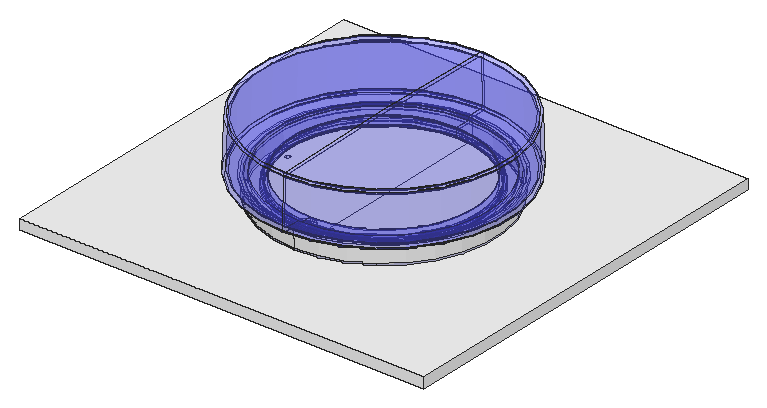
Revit family "BE_50078_de_DE", category Leuchten, Revit 2020
Family settings
  Basisbauteil = Fläche
  Bemaßung runder Anschluss = Durchmesser verwenden
  Teiletyp = Normal
  Beim Laden mit Abzugskörper schneiden = Ja
  Lichtquelle = Ja
  Gemeinsam genutzt = Nein
  Raumberechnungspunkt = Ja
Parameters (values of type "BEGA_50078_K4")
  built-in parameter 1150104 = 11.613 (stored number, unit not read)
  Wattage = 16.8 W
  Default Elevation = 0 mm
  built-in parameter 1150113 = 1 (stored number, unit not read)
  built-in parameter 1114218 = 1 (stored number, unit not read)
  Umgebungstemperatur = "25 °C"
  URL = "https://www.bega.com/de/produkt/50078"
  Typenkommentare = "© 2022 BEGA. Wir behalten uns das Recht vor, technische Änderungen ohne vorherige Ankündigung vorzunehmen."  # constant formula
  built-in parameter 1150134 = 12
  built-in parameter 1150109 = 1 (stored number, unit not read)
  Strom = ""
  built-in parameter 1150110 = 1 (stored number, unit not read)
  Spannung = 239.996 V
  Sonderanfertigung = no
  Seriennummer [instance] = "Hier können Sie die eindeutige Seriennummer für das Facility Management eintragen."
  Schutzklasse = "I"
  Schutzart = "IP 44"
  Scheinlast = 0 VA
  Produktdatenblatt = "https://cdn.bega.com/bega/products/50078K4/current/documents/data-sheets/de"
  Oberflächentemperatur = ""
  Neigungswinkel = 0.00°
  Modell = "50078K4"
  Material_17 = BEGA_Reflektor
  Material_15 = BEGA_Leuchtmedium_matt
  Material_11 = BEGA_Glas_opal
  Material_09 = BEGA_Glas_klar
  Material_06 = BEGA_Oberfläche_Edelstahl_gebürstet
  Material_03 = BEGA_Oberfläche_Weiss_matt
  Material_02 = BEGA_Oberfläche_Silber_matt
  Material_01 [instance] = BEGA_Oberfläche_Grafit_matt
  M_W = no
  M_G = no
  M_A = no
  Logo = 0
  built-in parameter 1114217 = 1 (stored number, unit not read)
  built-in parameter 1150139 = (empty or 0)
  built-in parameter 1150105 = 548.57 (stored number, unit not read)
  built-in parameter 1150114 = 1 (stored number, unit not read)
  Lumens = 2100 lm
  built-in parameter 1150115 = 1 (stored number, unit not read)
  Leuchtenlichtstrom = "1555 lm"
  Leuchtenanzahl = ""
  Lebensdauerkriterien = "L70B50 @ 25 °C = 180000 h"
  Lastklassifizierung = Beleuchtung
  built-in parameter 1150112 = 1 (stored number, unit not read)
  Lampenlichtstrom = "2100 lm"
  Lampe = "LED 16.8 W"
  LED_Modulbezeichnung = "LED-0672/940"
  Hersteller = "BEGA"  # constant formula
  Halbstreuwinkel = ""
  Gewicht = "1.8 kg"
  Gebrauchslageneinschränkung [instance] = ""
  Frequenz = "0/50-60 Hz"
  Farbwiedergabeindex = "CRI > 90"
  Farbtemperaturverschiebung bei Dämpfen der Lampe = <Keine Auswahl>
  Farbtemperatur = "4000 K"
  Color Filter = 16777215
  built-in parameter 1150133 = 10 (stored number, unit not read)
  Energieeffizienzklasse = "LED A++ - A"
  built-in parameter 1150137 = (empty or 0)
  built-in parameter 1150132 = (empty or 0)
  ENEC = "ja"
  Dimmbar [instance] = "DALI"
  Datei für fotometrisches Netz = "BE_50078K4.IES"
  CE_Konformität = "ja"
  Bestellnummer = "50078K4"
  Beschreibung_Sonderanfertigung = "Hier können Sie Informationen zur Sonderanfertigung eintragen."
  Beschreibung = "Decken- und Wandleuchte"
  built-in parameter 1150106 = 5.4857 (stored number, unit not read)
  Befestigungsbohrung = "Ø 4,5 mm"
  Befestigungsabstand = "190 mm"
  Ballwurfsicher = ""
  BEGA_Intern_aus = yes
  BEGA_Intern_an = yes
  BEGA_Intern_Konstruktion = yes
  BEGA_Intern = yes
  BEGA_IES = yes
  BEGA_Dummy = no
  Anschlussleitung = ""
  Anschlussleistung [instance] = "19 W"
  Anschlusskasten = ""
  built-in parameter 1150107 = 4000 (stored number, unit not read)
  built-in parameter 1150102 = (empty or 0)
  built-in parameter 1150138 = (empty or 0)
  Aktualisierung = "2022-05-18T04:00:07"
  Abstand_zur_angestrahlten_Fläche [instance] = ""
  AC/DC = "AC/DC"
Types (2, lengths in mm): name | built-in parameter 1150104 | built-in parameter 1150134 | Modell | built-in parameter 1150105 | Lumens | Leuchtenlichtstrom | Lampenlichtstrom | LED_Modulbezeichnung | Farbtemperatur | Datei für fotometrisches Netz | Bestellnummer | built-in parameter 1150106 | built-in parameter 1150107
  BEGA_50078_K3 | 11.195 (stored number, unit not read) | (empty or 0) | "50078K3" | 528.77 (stored number, unit not read) | 2024.4 lm | "1500 lm" | "2025 lm" | "LED-0672/930" | "3000 K" | "BE_50078K3.IES" | "50078K3" | 5.2877 (stored number, unit not read) | 3000 (stored number, unit not read)
  BEGA_50078_K4 | 11.613 (stored number, unit not read) | 12 | "50078K4" | 548.57 (stored number, unit not read) | 2100 lm | "1555 lm" | "2100 lm" | "LED-0672/940" | "4000 K" | "BE_50078K4.IES" | "50078K4" | 5.4857 (stored number, unit not read) | 4000 (stored number, unit not read)
Reference planes
  plane 1 "Mitte (Vorne/Hinten)": y = 0
  plane 2: z = 0
  plane 3 "Mitte (Links/Rechts)": x = 0
  plane 4 "Links": x = -124.948
  plane 5 "Rechts": x = 124.948
  plane 6 "Unten": y = -124.949
  plane 7 "Oben": y = 124.949
  plane 8 "Vorne": z = 78.3
  plane 9 "Hinten": z = 0
Forms (mm)
  Extrusion 1, solid, material "BEGA_Platte_Weiss"
    sketch origin (0, -1119.2, 0) x (1, 0, 0) y (0, 1, 0)
      loop
        line (-200, 1319.2) -> (-200, 919.2) -> (200, 919.2) -> (200, 1319.2) -> (-200, 1319.2)
    from 0 to -10
  Extrusion 2, solid, material "BEGA_Dummy_matt", visible <- "BEGA_Dummy"
    sketch origin (77.149, -76.023, 0) x (1, 0, 0) y (0, 1, 0)
      loop
        circle (-77.149, 76.023) r 125
    from 0 to 78.3
Dimensions and locks
  plane 1 "Mitte (Vorne/Hinten)" to Extrusion 1 = 200 mm
  aligned and locked: plane 2 to Extrusion 1
  aligned and locked: level to Extrusion 1
Nested families
  nested 1: "BE_50078" at (0, 0, 0), type "BE_50078"
Connectors
  electrical at (0, 0, 0), driven by "Lastklassifizierung", driven by "Spannung", driven by "Scheinlast"
    settings: index 1, voltage 239.996 V, apparent load 0 VA, apparent load phase1 0 VA, apparent load phase2 0 VA, apparent load phase3 0 VA, power factor 1, load classification "Beleuchtung", number of poles 1, system type 31, power factor state 1, is connector primary yes, connector utility no, sub classification motor no, connector description ""
Definition of nested family "BE_50078"
  Parameters (values of type "BE_50078")
    Default Elevation = 1 mm
    URL = "http://www.bega.de/de/produkt"
    Type Comments = "© 2015 BEGA. Wir behalten uns das Recht vor, technische Änderungen ohne vorherige Ankündigung vorzunehmen. "  # constant formula
    Type Image = (empty or 0)
    Neigungswinkel_um_Z2 = 0.00°
    Neigungswinkel_um_Z1 = 0.00°
    Neigungswinkel_um_Y2 = 0.00°
    Neigungswinkel_um_Y1 = 0.00°
    Neigungswinkel_um_X2 = 0.00°
    Neigungswinkel_um_X1 = 0.00°
    Material_17 = none
    Material_15 = none
    Material_11 = none
    Material_09 = none
    Material_06 = none
    Material_05 = none
    Material_03 = none
    Material_02 = none
    Material_01 = none
    M_W = yes
    M_G = yes
    M_A = yes
    Länge_Platte = 350 mm  # constant formula
    Höhe_Platte = -10 mm  # constant formula
    Manufacturer = "BEGA"  # constant formula
    Drehwinkel_um_Z2 = 0.00°
    Drehwinkel_um_Z1 = 0.00°
    Breite_Platte = 350 mm  # constant formula
  Reference planes
    plane 1 "Mitte (Oben/Unten)": y = 0
    plane 2: z = 0
    plane 3 "Mitte (Links/Rechts)": x = 0
    plane 4: y = 124.949
    plane 5: z = 78.3
    plane 6: y = -124.949
    plane 7: x = -124.948
    plane 8: x = 124.948
  Forms (mm)
    Extrusion 1, solid, detail levels medium
      sketch origin (0, 0, 0) x (1, 0, 0) y (0, 1, 0)
        loop
          line (-175, 175) -> (-175, -175) -> (175, -175) -> (175, 175) -> (-175, 175)
      from 0 to -10 <- "Höhe_Platte"
    Revolve 2, solid, material <- "Material_03", detail levels medium+fine
      sketch origin (0, 0, 0) x (0, 1, 0) y (0, 0, 1)
        loop
          line (113, 22) -> (113, 23.5) -> (111.215, 23.5)
          arc (111.215, 23.5) -> (109.814, 22.927) -> (109.216, 21.535) r 2
          line (109.216, 21.535) -> (108.917, 4.482)
          arc (108.917, 4.482) -> (108.618, 3.787) -> (107.917, 3.5) r 1
          line (107.917, 3.5) -> (0, 3.5) -> (0, 2) -> (107.917, 2)
          arc (107.917, 2) -> (109.667, 2.714) -> (110.417, 4.448) r 2.5
          line (110.417, 4.448) -> (110.724, 22) -> (113, 22)
        axis (0, 2) -> (0, 23.5)
      angle from 0 to 360
    Revolve 3, solid, material <- "Material_03", detail levels medium+fine
      sketch origin (95, 0, 0) x (0, 1, 0) y (0, 0, 1)
        loop
          line (11, 2) -> (0, 2) -> (0, 0) -> (8.379, 0)
          arc (8.379, 0) -> (8.95, 0.113) -> (9.436, 0.436) r 1.5
          line (9.436, 0.436) -> (11, 2)
        axis (0, 2) -> (0, 0)
      angle from 0 to 360
    Revolve 4, solid, material <- "Material_03", detail levels medium+fine
      sketch origin (-95, 0, 0) x (0, 1, 0) y (0, 0, -1)
        loop
          line (11, -2) -> (9.436, -0.436)
          arc (9.436, -0.436) -> (8.95, -0.113) -> (8.379, 0) r 1.5
          line (8.379, 0) -> (0, 0) -> (0, -2) -> (11, -2)
        axis (0, -2) -> (0, 0)
      angle from 0 to 360
    Revolve 5, solid, material <- "Material_03", detail levels medium+fine
      sketch origin (0, 0, 0) x (0, 1, 0) y (0, 0, 1)
        loop
          arc (102.008, 0) -> (105.026, 0.688) -> (107.452, 2.61) r 7
          line (107.452, 2.61) -> (102.008, 2.61) -> (102.008, 0)
        axis (102.008, 0) -> (102.008, 2.61)
      angle from 0 to 360
    Revolve 6, solid, material <- "Material_03", detail levels medium+fine
      sketch origin (0, 0, 0) x (0, -1, 0) y (0, 0, 1)
        loop
          arc (102.008, 0) -> (105.026, 0.688) -> (107.452, 2.61) r 7
          line (107.452, 2.61) -> (102.008, 2.61) -> (102.008, 0)
        axis (102.008, 0) -> (102.008, 2.61)
      angle from 0 to 360
    Extrusion 7, void
      sketch origin (0, 0, 0) x (1, 0, 0) y (0, 1, 0)
        loop
          circle (-17.5, -73) r 8.5
        loop
          circle (17.5, -73) r 8.5
        loop
          circle (95, 0) r 2.25
        loop
          circle (-95, 0) r 2.25
      from 0 to 5.957
    Revolve 8, solid, material <- "Material_11", detail levels medium+fine
      sketch origin (0, 0, 0) x (0, 1, 0) y (0, 0, 1)
        loop
          line (121.7, 76.331) -> (0, 78.3) -> (0, 75.3) -> (118.789, 73.378)
          arc (118.789, 73.378) -> (120.164, 72.799) -> (120.756, 71.431) r 2
          line (120.756, 71.431) -> (121.871, 28.865)
          arc (121.871, 28.865) -> (121.33, 27.436) -> (119.939, 26.806) r 2
          line (119.939, 26.806) -> (105, 26.284) -> (105, 23.3) -> (90.127, 23.3)
          arc (90.127, 23.3) -> (90.032, 22.804) -> (90, 22.3) r 4
          line (90, 22.3) -> (90, 15.3)
          arc (90, 15.3) -> (90.586, 13.886) -> (92, 13.3) r 2
          line (92, 13.3) -> (93, 13.3) -> (93, 11.3) -> (96, 11.3) -> (96, 14.731)
          arc (96, 14.731) -> (95.793, 15.338) -> (95.259, 15.695) r 1
          line (95.259, 15.695) -> (93.734, 16.104)
          arc (93.734, 16.104) -> (93.204, 16.462) -> (93, 17.068) r 1
          line (93, 17.068) -> (93, 19.3)
          arc (93, 19.3) -> (93.293, 20.007) -> (94, 20.3) r 1
          line (94, 20.3) -> (105, 20.3)
          arc (105, 20.3) -> (107.152, 21.21) -> (107.999, 23.387) r 3
          line (107.999, 23.387) -> (123.02, 23.912)
          arc (123.02, 23.912) -> (124.409, 24.544) -> (124.948, 25.971) r 2
          line (124.948, 25.971) -> (123.68, 74.375)
          arc (123.68, 74.375) -> (123.086, 75.754) -> (121.7, 76.331) r 2
        axis (0, 78.3) -> (0, 11.3)
      angle from 0 to 360
  Cuts and joins
    Extrusion 7 cuts Revolve 2
    Extrusion 7 cuts Revolve 3
    Extrusion 7 cuts Revolve 4
    Extrusion 7 cuts Revolve 5
    Extrusion 7 cuts Revolve 6
    joined: Revolve 2, Revolve 3, Revolve 4, Revolve 5, Revolve 6
  Dimensions and locks
    equal spacing: Extrusion 1 sketch curve, plane 3 "Mitte (Links/Rechts)", Extrusion 1 sketch curve
    equal spacing: Extrusion 1 sketch curve, plane 1 "Mitte (Oben/Unten)", Extrusion 1 sketch curve
    "Länge_Platte": Extrusion 1 sketch curve to Extrusion 1 sketch curve
    "Breite_Platte": Extrusion 1 sketch curve to Extrusion 1 sketch curve
    aligned and locked: plane 2 to Extrusion 1
    aligned and locked: level to Extrusion 1
  Automatic sketch dimensions
    Revolve 2 sketch curve to Revolve 2 sketch curve = 0 mm  (x9)
    Revolve 2 sketch curve to plane 1 "Mitte (Oben/Unten)" = 0 mm  (x2)
    level to Revolve 2 sketch curve = 3.5 mm
    level to Revolve 2 sketch curve = 4.448 mm
    Revolve 2 sketch curve to Revolve 2 sketch curve = 2.499 mm
    Revolve 2 sketch curve to Revolve 2 sketch curve = 0.491 mm  (x2)
    Revolve 2 sketch curve to Revolve 2 sketch curve = 1.785 mm
    Revolve 2 sketch curve to Revolve 2 sketch curve = 1.5 mm  (x2)
    Revolve 2 sketch curve to Revolve 2 sketch curve = 1 mm  (x2)
    Revolve 2 sketch curve to Revolve 2 sketch curve = 17.052 mm
    Revolve 2 sketch curve to Revolve 2 sketch curve = 0.5 mm
    level to Revolve 2 sketch curve = 4.482 mm
    Revolve 2 sketch curve to Revolve 2 sketch curve = 1.508 mm
    Revolve 2 sketch curve to Revolve 2 sketch curve = 4.468 mm
    Revolve 2 sketch curve to Revolve 2 sketch curve = 0.465 mm
    Revolve 3 sketch curve to level = 0 mm
    Revolve 3 sketch curve to plane 1 "Mitte (Oben/Unten)" = 0 mm  (x2)
    level to Revolve 3 sketch curve = 1.5 mm
    Revolve 3 sketch curve to plane 1 "Mitte (Oben/Unten)" = 8.379 mm
    level to Revolve 3 sketch curve = 0.436 mm
    level to Revolve 3 sketch curve = 2 mm
    Revolve 3 sketch curve to Revolve 3 sketch curve = 1.564 mm
    Revolve 3 sketch curve to level = 3.658 mm
    Revolve 3 sketch curve to Revolve 3 sketch curve = 0 mm
    Revolve 4 sketch curve to level = 0 mm
    Revolve 4 sketch curve to plane 1 "Mitte (Oben/Unten)" = 0 mm  (x2)
    level to Revolve 4 sketch curve = 1.5 mm
    Revolve 4 sketch curve to plane 1 "Mitte (Oben/Unten)" = 8.379 mm
    level to Revolve 4 sketch curve = 0.436 mm
    level to Revolve 4 sketch curve = 2 mm
    Revolve 4 sketch curve to Revolve 4 sketch curve = 1.564 mm
    Revolve 4 sketch curve to Revolve 4 sketch curve = 0 mm
    Revolve 4 sketch curve to level = 3.658 mm
    Revolve 5 sketch curve to level = 0 mm  (x2)
    level to Revolve 5 sketch curve = 7 mm
    Revolve 5 sketch curve to Revolve 5 sketch curve = 0.008 mm
    level to Revolve 5 sketch curve = 2.61 mm
    Revolve 5 sketch curve to Revolve 5 sketch curve = 0 mm  (x2)
    Revolve 6 sketch curve to level = 0 mm  (x2)
    Revolve 6 sketch curve to level = 7 mm
    Revolve 6 sketch curve to Revolve 6 sketch curve = 0.008 mm
    Revolve 6 sketch curve to level = 2.61 mm
    Revolve 6 sketch curve to Revolve 6 sketch curve = 0 mm  (x2)
    Extrusion 7 sketch curve to plane 3 "Mitte (Links/Rechts)" = 17.5 mm
    plane 3 "Mitte (Links/Rechts)" to Extrusion 7 sketch curve = 17.5 mm
    Extrusion 7 sketch curve to Extrusion 7 sketch curve = 0 mm
    Revolve 8 sketch curve to plane 1 "Mitte (Oben/Unten)" = 0 mm  (x2)
    Revolve 8 sketch curve to Revolve 8 sketch curve = 1.873 mm
    Revolve 8 sketch curve to Revolve 8 sketch curve = 1 mm  (x5)
    level to Revolve 8 sketch curve = 13.3 mm
    Revolve 8 sketch curve to Revolve 8 sketch curve = 0 mm  (x18)
    level to Revolve 8 sketch curve = 16.104 mm
    Revolve 8 sketch curve to Revolve 8 sketch curve = 0.734 mm
    Revolve 8 sketch curve to Revolve 8 sketch curve = 0.266 mm
    Revolve 8 sketch curve to Revolve 8 sketch curve = 1.266 mm
    Revolve 8 sketch curve to Revolve 8 sketch curve = 3 mm  (x3)
    Revolve 8 sketch curve to Revolve 8 sketch curve = 11 mm
    Revolve 8 sketch curve to Revolve 8 sketch curve = 2.999 mm
    Revolve 8 sketch curve to Revolve 8 sketch curve = 0.072 mm
    Revolve 8 sketch curve to Revolve 8 sketch curve = 2 mm  (x4)
    Revolve 8 sketch curve to Revolve 8 sketch curve = 1.999 mm  (x4)
    Revolve 8 sketch curve to Revolve 8 sketch curve = 1.375 mm
    Revolve 8 sketch curve to Revolve 8 sketch curve = 0.002 mm
    Revolve 8 sketch curve to Revolve 8 sketch curve = 0.804 mm
    Revolve 8 sketch curve to Revolve 8 sketch curve = 2.232 mm
    Revolve 8 sketch curve to Revolve 8 sketch curve = 0.087 mm
    Revolve 8 sketch curve to Revolve 8 sketch curve = 0.525 mm
    Revolve 8 sketch curve to Revolve 8 sketch curve = 2.984 mm
    Revolve 8 sketch curve to Revolve 8 sketch curve = 0.896 mm
    Revolve 8 sketch curve to Revolve 8 sketch curve = 2.953 mm
    Revolve 8 sketch curve to Revolve 8 sketch curve = 0.044 mm
    Revolve 8 sketch curve to Revolve 8 sketch curve = 0.259 mm
    Revolve 8 sketch curve to Revolve 8 sketch curve = 12 mm
    Revolve 8 sketch curve to Revolve 8 sketch curve = 0.052 mm
    Revolve 2 sketch curve to plane 1 "Mitte (Oben/Unten)" = 107.917 mm
    Revolve 2 sketch curve to Revolve 2 sketch curve = 0.307 mm
    Revolve 5 sketch curve to plane 1 "Mitte (Oben/Unten)" = 102 mm
    Revolve 8 sketch curve to plane 1 "Mitte (Oben/Unten)" = 90.127 mm
    Revolve 8 sketch curve to Revolve 8 sketch curve = 13.757 mm
    Revolve 8 sketch curve to Revolve 8 sketch curve = 11.873 mm
    Revolve 8 sketch curve to Revolve 8 sketch curve = 0.067 mm
    Revolve 8 sketch curve to Revolve 8 sketch curve = 2.924 mm
    level to Revolve 8 sketch curve = 28.865 mm
    Revolve 8 sketch curve to Revolve 8 sketch curve = 3.01 mm
    Revolve 8 sketch curve to Revolve 8 sketch curve = 0.032 mm
    Revolve 6 sketch curve to plane 1 "Mitte (Oben/Unten)" = 102 mm
    plane 1 "Mitte (Oben/Unten)" to Extrusion 7 sketch curve = 0 mm  (x2)
    Extrusion 7 sketch curve to plane 3 "Mitte (Links/Rechts)" = 95 mm
    plane 3 "Mitte (Links/Rechts)" to Extrusion 7 sketch curve = 95 mm
    plane 1 "Mitte (Oben/Unten)" to Extrusion 7 sketch curve = 73 mm
    Revolve 8 sketch curve to Revolve 8 sketch curve = 0.019 mm
    Revolve 8 sketch curve to Revolve 8 sketch curve = 42.573 mm
    level to Revolve 8 sketch curve = 75.3 mm
    radius of Extrusion 7 sketch curve = 8.5 mm  (x2)
    radius of Extrusion 7 sketch curve = 2.25 mm  (x2)
